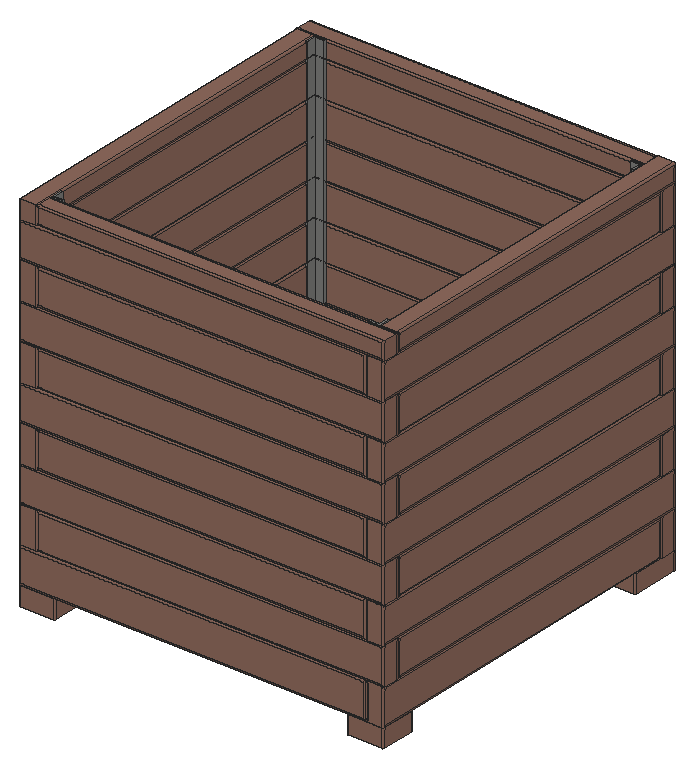
Revit family "Jardinera Madera", category Furniture, Revit 2020 (continued)
Definition of nested family "Jardinera Madera-UM1640-2-1000mm"
  Forms (m)
    Extrusion 40, solid
      sketch origin (-0.2, -0.65, 0) x (0, -1, 0) y (0, 0, 1)
        loop
          arc (-0.9, 0.055) -> (-0.898536, 0.051464) -> (-0.895, 0.05) r 0.005
          line (-0.895, 0.05) -> (-0.855, 0.05)
          arc (-0.855, 0.05) -> (-0.851464, 0.051464) -> (-0.85, 0.055) r 0.005
          line (-0.85, 0.055) -> (-0.85, 0.145)
          arc (-0.85, 0.145) -> (-0.851464, 0.148536) -> (-0.855, 0.15) r 0.005
          line (-0.855, 0.15) -> (-0.895, 0.15)
      from -0.7 to 0.25
    Extrusion 41, void
      sketch origin (0.4, -0.05, 0) x (1, 0, 0) y (0, 1, 0)
        loop
          arc (-0.85, 0.295) -> (-0.848536, 0.298536) -> (-0.845, 0.3) r 0.005
          line (-0.845, 0.3) -> (-0.85, 0.3) -> (-0.85, 0.295)
        loop
          line (-0.85, 0.255) -> (-0.85, 0.25) -> (-0.845, 0.25)
          arc (-0.845, 0.25) -> (-0.848536, 0.251464) -> (-0.85, 0.255) r 0.005
      from 0.05 to 0.15
    Extrusion 42, void
      sketch origin (-0.75, -0.6, 0) x (0, -1, 0) y (1, 0, 0)
        loop
          arc (-0.85, 0.295) -> (-0.848536, 0.298536) -> (-0.845, 0.3) r 0.005
          line (-0.845, 0.3) -> (-0.85, 0.3) -> (-0.85, 0.295)
        loop
          line (-0.85, 0.255) -> (-0.85, 0.25) -> (-0.845, 0.25)
          arc (-0.845, 0.25) -> (-0.848536, 0.251464) -> (-0.85, 0.255) r 0.005
      from 0.05 to 0.15
    Extrusion 43, solid
      sketch origin (-0.249929, -0.65, 0.10007) x (0, -1, 0) y (0, 0, 1)
        loop
          arc (-0.895, 0.15) -> (-0.898536, 0.148536) -> (-0.9, 0.145) r 0.005
          line (-0.9, 0.145) -> (-0.9, 0.055)
          arc (-0.9, 0.055) -> (-0.898536, 0.051464) -> (-0.895, 0.05) r 0.005
          line (-0.895, 0.05) -> (-0.855, 0.05)
          arc (-0.855, 0.05) -> (-0.851464, 0.051464) -> (-0.85, 0.055) r 0.005
          line (-0.85, 0.055) -> (-0.85, 0.145)
          arc (-0.85, 0.145) -> (-0.851464, 0.148536) -> (-0.855, 0.15) r 0.005
          line (-0.855, 0.15) -> (-0.895, 0.15)
      from -0.699929 to 0.25
    Extrusion 44, void
      sketch origin (0.350071, -0.05, 0.10007) x (1, 0, 0) y (0, 1, 0)
        loop
          arc (-0.85, 0.295) -> (-0.848536, 0.298536) -> (-0.845, 0.3) r 0.005
          line (-0.845, 0.3) -> (-0.85, 0.3) -> (-0.85, 0.295)
        loop
          line (-0.85, 0.255) -> (-0.85, 0.25) -> (-0.845, 0.25)
          arc (-0.845, 0.25) -> (-0.848536, 0.251464) -> (-0.85, 0.255) r 0.005
      from 0.05 to 0.15
    Extrusion 45, solid
      sketch origin (-0.2, -0.65, 0.2) x (0, -1, 0) y (0, 0, 1)
        loop
          arc (-0.895, 0.15) -> (-0.898536, 0.148536) -> (-0.9, 0.145) r 0.005
          line (-0.9, 0.145) -> (-0.9, 0.055)
          arc (-0.9, 0.055) -> (-0.898536, 0.051464) -> (-0.895, 0.05) r 0.005
          line (-0.895, 0.05) -> (-0.855, 0.05)
          arc (-0.855, 0.05) -> (-0.851464, 0.051464) -> (-0.85, 0.055) r 0.005
          line (-0.85, 0.055) -> (-0.85, 0.145)
          arc (-0.85, 0.145) -> (-0.851464, 0.148536) -> (-0.855, 0.15) r 0.005
          line (-0.855, 0.15) -> (-0.895, 0.15)
      from -0.7 to 0.25
    Extrusion 46, void
      sketch origin (0.4, -0.05, 0.2) x (1, 0, 0) y (0, 1, 0)
        loop
          arc (-0.85, 0.295) -> (-0.848536, 0.298536) -> (-0.845, 0.3) r 0.005
          line (-0.845, 0.3) -> (-0.85, 0.3) -> (-0.85, 0.295)
        loop
          line (-0.85, 0.255) -> (-0.85, 0.25) -> (-0.845, 0.25)
          arc (-0.845, 0.25) -> (-0.848536, 0.251464) -> (-0.85, 0.255) r 0.005
      from 0.05 to 0.15
    Extrusion 47, void
      sketch origin (-0.75, -0.6, 0.2) x (0, -1, 0) y (1, 0, 0)
        loop
          arc (-0.85, 0.295) -> (-0.848536, 0.298536) -> (-0.845, 0.3) r 0.005
          line (-0.845, 0.3) -> (-0.85, 0.3) -> (-0.85, 0.295)
        loop
          line (-0.85, 0.255) -> (-0.85, 0.25) -> (-0.845, 0.25)
          arc (-0.845, 0.25) -> (-0.848536, 0.251464) -> (-0.85, 0.255) r 0.005
      from 0.05 to 0.15
    Extrusion 48, solid
      sketch origin (-0.249929, -0.65, 0.30007) x (0, -1, 0) y (0, 0, 1)
        loop
          arc (-0.895, 0.15) -> (-0.898536, 0.148536) -> (-0.9, 0.145) r 0.005
          line (-0.9, 0.145) -> (-0.9, 0.055)
          arc (-0.9, 0.055) -> (-0.898536, 0.051464) -> (-0.895, 0.05) r 0.005
          line (-0.895, 0.05) -> (-0.855, 0.05)
          arc (-0.855, 0.05) -> (-0.851464, 0.051464) -> (-0.85, 0.055) r 0.005
          line (-0.85, 0.055) -> (-0.85, 0.145)
          arc (-0.85, 0.145) -> (-0.851464, 0.148536) -> (-0.855, 0.15) r 0.005
          line (-0.855, 0.15) -> (-0.895, 0.15)
      from -0.699929 to 0.25
    Extrusion 49, void
      sketch origin (0.350071, -0.05, 0.30007) x (1, 0, 0) y (0, 1, 0)
        loop
          arc (-0.85, 0.295) -> (-0.848536, 0.298536) -> (-0.845, 0.3) r 0.005
          line (-0.845, 0.3) -> (-0.85, 0.3) -> (-0.85, 0.295)
        loop
          line (-0.85, 0.255) -> (-0.85, 0.25) -> (-0.845, 0.25)
          arc (-0.845, 0.25) -> (-0.848536, 0.251464) -> (-0.85, 0.255) r 0.005
      from 0.05 to 0.15
    Extrusion 50, void
      sketch origin (-0.4, -0.05, 0.30007) x (-1, 0, 0) y (0, -1, 0)
        loop
          line (-0.85, -0.295) -> (-0.85, -0.3) -> (-0.845, -0.3)
          arc (-0.845, -0.3) -> (-0.848536, -0.298536) -> (-0.85, -0.295) r 0.005
        loop
          arc (-0.85, -0.255) -> (-0.848536, -0.251464) -> (-0.845, -0.25) r 0.005
          line (-0.845, -0.25) -> (-0.85, -0.25) -> (-0.85, -0.255)
      from 0.05 to 0.15
    Extrusion 51, void
      sketch origin (-0.35, -0.05, 0.2) x (-1, 0, 0) y (0, -1, 0)
        loop
          line (-0.85, -0.295) -> (-0.85, -0.3) -> (-0.845, -0.3)
          arc (-0.845, -0.3) -> (-0.848536, -0.298536) -> (-0.85, -0.295) r 0.005
        loop
          arc (-0.85, -0.255) -> (-0.848536, -0.251464) -> (-0.845, -0.25) r 0.005
          line (-0.845, -0.25) -> (-0.85, -0.25) -> (-0.85, -0.255)
      from 0.05 to 0.15
    Extrusion 52, void
      sketch origin (-0.4, -0.05, 0.10007) x (-1, 0, 0) y (0, -1, 0)
        loop
          line (-0.85, -0.295) -> (-0.85, -0.3) -> (-0.845, -0.3)
          arc (-0.845, -0.3) -> (-0.848536, -0.298536) -> (-0.85, -0.295) r 0.005
        loop
          arc (-0.85, -0.255) -> (-0.848536, -0.251464) -> (-0.845, -0.25) r 0.005
          line (-0.845, -0.25) -> (-0.85, -0.25) -> (-0.85, -0.255)
      from 0.05 to 0.15
    Extrusion 53, void
      sketch origin (-0.35, -0.05, 0) x (-1, 0, 0) y (0, -1, 0)
        loop
          line (-0.85, -0.295) -> (-0.85, -0.3) -> (-0.845, -0.3)
          arc (-0.845, -0.3) -> (-0.848536, -0.298536) -> (-0.85, -0.295) r 0.005
        loop
          arc (-0.85, -0.255) -> (-0.848536, -0.251464) -> (-0.845, -0.25) r 0.005
          line (-0.845, -0.25) -> (-0.85, -0.25) -> (-0.85, -0.255)
      from 0.05 to 0.15
    Extrusion 54, void
      sketch origin (0.75, -0.6, 0.3) x (0, -1, 0) y (1, 0, 0)
        loop
          line (-0.85, -0.295) -> (-0.85, -0.3) -> (-0.845, -0.3)
          arc (-0.845, -0.3) -> (-0.848536, -0.298536) -> (-0.85, -0.295) r 0.005
        loop
          arc (-0.85, -0.255) -> (-0.848536, -0.251464) -> (-0.845, -0.25) r 0.005
          line (-0.845, -0.25) -> (-0.85, -0.25) -> (-0.85, -0.255)
      from 0.05 to 0.15
    Extrusion 55, void
      sketch origin (0.75, -0.65, 0.2) x (0, -1, 0) y (1, 0, 0)
        loop
          line (-0.85, -0.295) -> (-0.85, -0.3) -> (-0.845, -0.3)
          arc (-0.845, -0.3) -> (-0.848536, -0.298536) -> (-0.85, -0.295) r 0.005
        loop
          arc (-0.85, -0.255) -> (-0.848536, -0.251464) -> (-0.845, -0.25) r 0.005
          line (-0.845, -0.25) -> (-0.85, -0.25) -> (-0.85, -0.255)
      from 0.05 to 0.15
    Extrusion 56, void
      sketch origin (0.75, -0.6, 0.1) x (0, -1, 0) y (1, 0, 0)
        loop
          line (-0.85, -0.295) -> (-0.85, -0.3) -> (-0.845, -0.3)
          arc (-0.845, -0.3) -> (-0.848536, -0.298536) -> (-0.85, -0.295) r 0.005
        loop
          arc (-0.85, -0.255) -> (-0.848536, -0.251464) -> (-0.845, -0.25) r 0.005
          line (-0.845, -0.25) -> (-0.85, -0.25) -> (-0.85, -0.255)
      from 0.05 to 0.15
    Extrusion 57, void
      sketch origin (0.75, -0.65, 0) x (0, -1, 0) y (1, 0, 0)
        loop
          line (-0.85, -0.295) -> (-0.85, -0.3) -> (-0.845, -0.3)
          arc (-0.845, -0.3) -> (-0.848536, -0.298536) -> (-0.85, -0.295) r 0.005
        loop
          arc (-0.85, -0.255) -> (-0.848536, -0.251464) -> (-0.845, -0.25) r 0.005
          line (-0.845, -0.25) -> (-0.85, -0.25) -> (-0.85, -0.255)
      from 0.05 to 0.15
    Extrusion 58, void
      sketch origin (-0.75, -0.65, 0.10007) x (0, -1, 0) y (1, 0, 0)
        loop
          arc (-0.85, 0.295) -> (-0.848536, 0.298536) -> (-0.845, 0.3) r 0.005
          line (-0.845, 0.3) -> (-0.85, 0.3) -> (-0.85, 0.295)
        loop
          line (-0.85, 0.255) -> (-0.85, 0.25) -> (-0.845, 0.25)
          arc (-0.845, 0.25) -> (-0.848536, 0.251464) -> (-0.85, 0.255) r 0.005
      from 0.05 to 0.15
  Cuts and joins
    Extrusion 2, Extrusion 4, Extrusion 23 cuts Extrusion 3
    Extrusion 6, Extrusion 34 cuts Extrusion 5
    Extrusion 6 cuts Extrusion 17
    Extrusion 14, Extrusion 35 cuts Extrusion 13
    Extrusion 26, Extrusion 52, Extrusion 56 cuts Extrusion 25
    Extrusion 31, Extrusion 50, Extrusion 54 cuts Extrusion 30
    Extrusion 23 cuts Extrusion 19
    Extrusion 23 cuts Extrusion 32
    Extrusion 23 cuts Extrusion 33
    Extrusion 2, Extrusion 41, Extrusion 42 cuts Extrusion 1
    Extrusion 41, Extrusion 53 cuts Extrusion 40
    Extrusion 46, Extrusion 51 cuts Extrusion 45
    Extrusion 29, Extrusion 55 cuts Extrusion 27
    Extrusion 49, Extrusion 50 cuts Extrusion 48
    Extrusion 44, Extrusion 52 cuts Extrusion 43
    Extrusion 57 cuts Extrusion 18
    Extrusion 24, Extrusion 57 cuts Extrusion 22
    Extrusion 12, Extrusion 28 cuts Extrusion 11
    Extrusion 16 cuts Extrusion 15
    Extrusion 10, Extrusion 47 cuts Extrusion 9
    Extrusion 8, Extrusion 58 cuts Extrusion 7
  Dimensions and locks (m)
    plane 6 to level = 0.450 m
    plane 8 to plane 7 = 0.500 m
    plane 11 to plane 10 = 0.999858 m
    aligned and locked: level to plane 2
Definition of nested family "Jardinera Madera-UM1640-4-1000mm"
  Parameters
    Default Elevation = 0.000 m
  Reference planes (m)
    plane 1 "Center (Front/Back)": y = 0
    plane 2: z = 0
    plane 3 "Center (Left/Right)": x = 0
    plane 4: z = 0.05
    plane 5: z = 0.15
    plane 6: y = 0.5
    plane 7: y = -0.5
    plane 8: x = -0.5
    plane 9: x = 0.5
    plane 10: z = 0.455
    plane 11: z = 0.655
  Forms (m)
    Extrusion 1, solid
      sketch origin (0.4, 0.299929, 0.005) x (1, 0, 0) y (0, 1, 0)
        loop
          line (-0.849929, 0.149955) -> (-0.849929, 0.021439) -> (0.05, 0.021439) -> (0.05, 0.149955) -> (-0.849929, 0.149955)
      from 0.05 to 0.1
    Extrusion 2, solid
      sketch origin (0.4, 0.199929, 0.005) x (1, 0, 0) y (0, 1, 0)
        loop
          line (-0.849929, 0.25) -> (-0.849929, 0.22) -> (-0.844929, 0.22) -> (-0.844929, 0.245) -> (-0.819929, 0.245) -> (-0.819929, 0.25) -> (-0.849929, 0.25)
      from 0.05 to 0.65007
    Extrusion 3, solid
      sketch origin (-0.4, 0.199929, 0.005) x (-1, 0, 0) y (0, -1, 0)
        loop
          line (-0.849929, -0.25) -> (-0.819929, -0.25) -> (-0.819929, -0.245) -> (-0.844929, -0.245) -> (-0.844929, -0.22) -> (-0.849929, -0.22) -> (-0.849929, -0.25)
      from 0.05 to 0.65007
    Extrusion 4, solid
      sketch origin (0.4, 0.199929, 0.005) x (1, 0, 0) y (0, 1, 0)
        loop
          line (-0.804929, 0.3) -> (-0.894929, 0.3)
          arc (-0.894929, 0.3) -> (-0.898464, 0.298536) -> (-0.899929, 0.295) r 0.005
          line (-0.899929, 0.295) -> (-0.899929, 0.166439)
          arc (-0.899929, 0.166439) -> (-0.898464, 0.162903) -> (-0.894929, 0.161439) r 0.005
          line (-0.894929, 0.161439) -> (-0.804929, 0.161439)
          arc (-0.804929, 0.161439) -> (-0.801393, 0.162903) -> (-0.799929, 0.166439) r 0.005
          line (-0.799929, 0.166439) -> (-0.799929, 0.295)
          arc (-0.799929, 0.295) -> (-0.801393, 0.298536) -> (-0.804929, 0.3) r 0.005
      from -0.005 to 0.05
    Extrusion 5, solid
      sketch origin (-0.4, 0.199929, 0.005) x (-1, 0, 0) y (0, -1, 0)
        loop
          arc (-0.804929, -0.3) -> (-0.801393, -0.298536) -> (-0.799929, -0.295) r 0.005
          line (-0.799929, -0.295) -> (-0.799929, -0.166439)
          arc (-0.799929, -0.166439) -> (-0.801393, -0.162903) -> (-0.804929, -0.161439) r 0.005
          line (-0.804929, -0.161439) -> (-0.894929, -0.161439)
          arc (-0.894929, -0.161439) -> (-0.898464, -0.162903) -> (-0.899929, -0.166439) r 0.005
          line (-0.899929, -0.166439) -> (-0.899929, -0.295)
          arc (-0.899929, -0.295) -> (-0.898464, -0.298536) -> (-0.894929, -0.3) r 0.005
          line (-0.894929, -0.3) -> (-0.804929, -0.3)
      from -0.005 to 0.05
    Extrusion 6, solid
      sketch origin (-0.2, -0.400071, 0.005) x (0, -1, 0) y (0, 0, 1)
        loop
          arc (-0.895, 0.15) -> (-0.898536, 0.148536) -> (-0.9, 0.145) r 0.005
          line (-0.9, 0.145) -> (-0.9, 0.055)
          arc (-0.9, 0.055) -> (-0.898536, 0.051464) -> (-0.895, 0.05) r 0.005
          line (-0.895, 0.05) -> (-0.855, 0.05)
          arc (-0.855, 0.05) -> (-0.851464, 0.051464) -> (-0.85, 0.055) r 0.005
          line (-0.85, 0.055) -> (-0.85, 0.145)
          arc (-0.85, 0.145) -> (-0.851464, 0.148536) -> (-0.855, 0.15) r 0.005
          line (-0.855, 0.15) -> (-0.895, 0.15)
      from -0.7 to 0.25
    Extrusion 7, solid
      sketch origin (-0.249929, -0.400071, 0.10507) x (0, -1, 0) y (0, 0, 1)
        loop
          arc (-0.895, 0.15) -> (-0.898536, 0.148536) -> (-0.9, 0.145) r 0.005
          line (-0.9, 0.145) -> (-0.9, 0.055)
          arc (-0.9, 0.055) -> (-0.898536, 0.051464) -> (-0.895, 0.05) r 0.005
          line (-0.895, 0.05) -> (-0.855, 0.05)
          arc (-0.855, 0.05) -> (-0.851464, 0.051464) -> (-0.85, 0.055) r 0.005
          line (-0.85, 0.055) -> (-0.85, 0.145)
          arc (-0.85, 0.145) -> (-0.851464, 0.148536) -> (-0.855, 0.15) r 0.005
          line (-0.855, 0.15) -> (-0.895, 0.15)
      from -0.699929 to 0.25
    Extrusion 8, solid
      sketch origin (-0.2, -0.400071, 0.205) x (0, -1, 0) y (0, 0, 1)
        loop
          arc (-0.895, 0.15) -> (-0.898536, 0.148536) -> (-0.9, 0.145) r 0.005
          line (-0.9, 0.145) -> (-0.9, 0.055)
          arc (-0.9, 0.055) -> (-0.898536, 0.051464) -> (-0.895, 0.05) r 0.005
          line (-0.895, 0.05) -> (-0.855, 0.05)
          arc (-0.855, 0.05) -> (-0.851464, 0.051464) -> (-0.85, 0.055) r 0.005
          line (-0.85, 0.055) -> (-0.85, 0.145)
          arc (-0.85, 0.145) -> (-0.851464, 0.148536) -> (-0.855, 0.15) r 0.005
          line (-0.855, 0.15) -> (-0.895, 0.15)
      from -0.7 to 0.25
    Extrusion 9, solid
      sketch origin (-0.249929, -0.400071, 0.30507) x (0, -1, 0) y (0, 0, 1)
        loop
          arc (-0.895, 0.15) -> (-0.898536, 0.148536) -> (-0.9, 0.145) r 0.005
          line (-0.9, 0.145) -> (-0.9, 0.055)
          arc (-0.9, 0.055) -> (-0.898536, 0.051464) -> (-0.895, 0.05) r 0.005
          line (-0.895, 0.05) -> (-0.855, 0.05)
          arc (-0.855, 0.05) -> (-0.851464, 0.051464) -> (-0.85, 0.055) r 0.005
          line (-0.85, 0.055) -> (-0.85, 0.145)
          arc (-0.85, 0.145) -> (-0.851464, 0.148536) -> (-0.855, 0.15) r 0.005
          line (-0.855, 0.15) -> (-0.895, 0.15)
      from -0.699929 to 0.25
    Extrusion 10, void
      sketch origin (0.350071, 0.199929, 0.30507) x (1, 0, 0) y (0, 1, 0)
        loop
          arc (-0.85, 0.295) -> (-0.848536, 0.298536) -> (-0.845, 0.3) r 0.005
          line (-0.845, 0.3) -> (-0.85, 0.3) -> (-0.85, 0.295)
        loop
          line (-0.85, 0.255) -> (-0.85, 0.25) -> (-0.845, 0.25)
          arc (-0.845, 0.25) -> (-0.848536, 0.251464) -> (-0.85, 0.255) r 0.005
      from 0.05 to 0.15
    Extrusion 11, void
      sketch origin (-0.35, 0.199929, 0.205) x (-1, 0, 0) y (0, -1, 0)
        loop
          line (-0.85, -0.295) -> (-0.85, -0.3) -> (-0.845, -0.3)
          arc (-0.845, -0.3) -> (-0.848536, -0.298536) -> (-0.85, -0.295) r 0.005
        loop
          arc (-0.85, -0.255) -> (-0.848536, -0.251464) -> (-0.845, -0.25) r 0.005
          line (-0.845, -0.25) -> (-0.85, -0.25) -> (-0.85, -0.255)
      from 0.05 to 0.15
    Extrusion 12, solid
      sketch origin (0.4, -0.2, 0.005) x (1, 0, 0) y (0, 0, 1)
        loop
          arc (-0.895, 0.15) -> (-0.898536, 0.148536) -> (-0.9, 0.145) r 0.005
          line (-0.9, 0.145) -> (-0.9, 0.055)
          arc (-0.9, 0.055) -> (-0.898536, 0.051464) -> (-0.895, 0.05) r 0.005
          line (-0.895, 0.05) -> (-0.855, 0.05)
          arc (-0.855, 0.05) -> (-0.851464, 0.051464) -> (-0.85, 0.055) r 0.005
          line (-0.85, 0.055) -> (-0.85, 0.145)
          arc (-0.85, 0.145) -> (-0.851464, 0.148536) -> (-0.855, 0.15) r 0.005
          line (-0.855, 0.15) -> (-0.895, 0.15)
      from -0.699929 to 0.25
    Extrusion 13, void
      sketch origin (-0.75, 0.4, 0.005) x (0, 1, 0) y (-1, 0, 0)
        loop
          line (-0.85, -0.295) -> (-0.85, -0.3) -> (-0.845, -0.3)
          arc (-0.845, -0.3) -> (-0.848536, -0.298536) -> (-0.85, -0.295) r 0.005
        loop
          arc (-0.85, -0.255) -> (-0.848536, -0.251464) -> (-0.845, -0.25) r 0.005
          line (-0.845, -0.25) -> (-0.85, -0.25) -> (-0.85, -0.255)
      from 0.05 to 0.15
    Extrusion 14, solid
      sketch origin (1, 0.4, 0.005) x (0, 1, 0) y (0, 0, 1)
        loop
          arc (-0.895, 0.15) -> (-0.898536, 0.148536) -> (-0.9, 0.145) r 0.005
          line (-0.9, 0.145) -> (-0.9, 0.055)
          arc (-0.9, 0.055) -> (-0.898536, 0.051464) -> (-0.895, 0.05) r 0.005
          line (-0.895, 0.05) -> (-0.855, 0.05)
          arc (-0.855, 0.05) -> (-0.851464, 0.051464) -> (-0.85, 0.055) r 0.005
          line (-0.85, 0.055) -> (-0.85, 0.145)
          arc (-0.85, 0.145) -> (-0.851464, 0.148536) -> (-0.855, 0.15) r 0.005
          line (-0.855, 0.15) -> (-0.895, 0.15)
      from -1.5 to -0.545
    Extrusion 15, void
      sketch origin (0.35, -0.2, 0.005) x (1, 0, 0) y (0, 1, 0)
        loop
          line (-0.85, -0.295) -> (-0.85, -0.3) -> (-0.845, -0.3)
          arc (-0.845, -0.3) -> (-0.848536, -0.298536) -> (-0.85, -0.295) r 0.005
        loop
          arc (-0.85, -0.255) -> (-0.848536, -0.251464) -> (-0.845, -0.25) r 0.005
          line (-0.845, -0.25) -> (-0.85, -0.25) -> (-0.85, -0.255)
      from 0.05 to 0.15
    Extrusion 16, solid
      sketch origin (1.049929, 0.4, 0.10507) x (0, 1, 0) y (0, 0, 1)
        loop
          arc (-0.895, 0.15) -> (-0.898536, 0.148536) -> (-0.9, 0.145) r 0.005
          line (-0.9, 0.145) -> (-0.9, 0.055)
          arc (-0.9, 0.055) -> (-0.898536, 0.051464) -> (-0.895, 0.05) r 0.005
          line (-0.895, 0.05) -> (-0.855, 0.05)
          arc (-0.855, 0.05) -> (-0.851464, 0.051464) -> (-0.85, 0.055) r 0.005
          line (-0.85, 0.055) -> (-0.85, 0.145)
          arc (-0.85, 0.145) -> (-0.851464, 0.148536) -> (-0.855, 0.15) r 0.005
          line (-0.855, 0.15) -> (-0.895, 0.15)
      from -1.5 to -0.55
    Extrusion 17, void
      sketch origin (0.399929, -0.2, 0.10507) x (1, 0, 0) y (0, 1, 0)
        loop
          line (-0.85, -0.295) -> (-0.85, -0.3) -> (-0.845, -0.3)
          arc (-0.845, -0.3) -> (-0.848536, -0.298536) -> (-0.85, -0.295) r 0.005
        loop
          arc (-0.85, -0.255) -> (-0.848536, -0.251464) -> (-0.845, -0.25) r 0.005
          line (-0.845, -0.25) -> (-0.85, -0.25) -> (-0.85, -0.255)
      from 0.05 to 0.15
    Extrusion 18, solid
      sketch origin (0.4, -0.249929, 0.10507) x (1, 0, 0) y (0, 0, 1)
        loop
          arc (-0.895, 0.15) -> (-0.898536, 0.148536) -> (-0.9, 0.145) r 0.005
          line (-0.9, 0.145) -> (-0.9, 0.055)
          arc (-0.9, 0.055) -> (-0.898536, 0.051464) -> (-0.895, 0.05) r 0.005
          line (-0.895, 0.05) -> (-0.855, 0.05)
          arc (-0.855, 0.05) -> (-0.851464, 0.051464) -> (-0.85, 0.055) r 0.005
          line (-0.85, 0.055) -> (-0.85, 0.145)
          arc (-0.85, 0.145) -> (-0.851464, 0.148536) -> (-0.855, 0.15) r 0.005
          line (-0.855, 0.15) -> (-0.895, 0.15)
      from -0.699858 to 0.25
    Extrusion 19, void
      sketch origin (-0.75, 0.350071, 0.10507) x (0, 1, 0) y (-1, 0, 0)
        loop
          line (-0.85, -0.295) -> (-0.85, -0.3) -> (-0.845, -0.3)
          arc (-0.845, -0.3) -> (-0.848536, -0.298536) -> (-0.85, -0.295) r 0.005
        loop
          arc (-0.85, -0.255) -> (-0.848536, -0.251464) -> (-0.845, -0.25) r 0.005
          line (-0.845, -0.25) -> (-0.85, -0.25) -> (-0.85, -0.255)
      from 0.05 to 0.15
    Extrusion 20, solid
      sketch origin (0.4, -0.2, 0.205) x (1, 0, 0) y (0, 0, 1)
        loop
          arc (-0.895, 0.15) -> (-0.898536, 0.148536) -> (-0.9, 0.145) r 0.005
          line (-0.9, 0.145) -> (-0.9, 0.055)
          arc (-0.9, 0.055) -> (-0.898536, 0.051464) -> (-0.895, 0.05) r 0.005
          line (-0.895, 0.05) -> (-0.855, 0.05)
          arc (-0.855, 0.05) -> (-0.851464, 0.051464) -> (-0.85, 0.055) r 0.005
          line (-0.85, 0.055) -> (-0.85, 0.145)
          arc (-0.85, 0.145) -> (-0.851464, 0.148536) -> (-0.855, 0.15) r 0.005
          line (-0.855, 0.15) -> (-0.895, 0.15)
      from -0.699929 to 0.25
    Extrusion 21, void
      sketch origin (-0.75, 0.4, 0.205) x (0, 1, 0) y (-1, 0, 0)
        loop
          line (-0.85, -0.295) -> (-0.85, -0.3) -> (-0.845, -0.3)
          arc (-0.845, -0.3) -> (-0.848536, -0.298536) -> (-0.85, -0.295) r 0.005
        loop
          arc (-0.85, -0.255) -> (-0.848536, -0.251464) -> (-0.845, -0.25) r 0.005
          line (-0.845, -0.25) -> (-0.85, -0.25) -> (-0.85, -0.255)
      from 0.05 to 0.15
    Extrusion 22, solid
      sketch origin (1, 0.4, 0.205) x (0, 1, 0) y (0, 0, 1)
        loop
          arc (-0.895, 0.15) -> (-0.898536, 0.148536) -> (-0.9, 0.145) r 0.005
          line (-0.9, 0.145) -> (-0.9, 0.055)
          arc (-0.9, 0.055) -> (-0.898536, 0.051464) -> (-0.895, 0.05) r 0.005
          line (-0.895, 0.05) -> (-0.855, 0.05)
          arc (-0.855, 0.05) -> (-0.851464, 0.051464) -> (-0.85, 0.055) r 0.005
          line (-0.85, 0.055) -> (-0.85, 0.145)
          arc (-0.85, 0.145) -> (-0.851464, 0.148536) -> (-0.855, 0.15) r 0.005
          line (-0.855, 0.15) -> (-0.895, 0.15)
      from -1.5 to -0.55
    Extrusion 23, void
      sketch origin (0.35, -0.2, 0.205) x (1, 0, 0) y (0, 1, 0)
        loop
          line (-0.85, -0.295) -> (-0.85, -0.3) -> (-0.845, -0.3)
          arc (-0.845, -0.3) -> (-0.848536, -0.298536) -> (-0.85, -0.295) r 0.005
        loop
          arc (-0.85, -0.255) -> (-0.848536, -0.251464) -> (-0.845, -0.25) r 0.005
          line (-0.845, -0.25) -> (-0.85, -0.25) -> (-0.85, -0.255)
      from 0.05 to 0.15
    Extrusion 24, solid
      sketch origin (1.049929, 0.4, 0.30507) x (0, 1, 0) y (0, 0, 1)
        loop
          arc (-0.895, 0.15) -> (-0.898536, 0.148536) -> (-0.9, 0.145) r 0.005
          line (-0.9, 0.145) -> (-0.9, 0.055)
          arc (-0.9, 0.055) -> (-0.898536, 0.051464) -> (-0.895, 0.05) r 0.005
          line (-0.895, 0.05) -> (-0.855, 0.05)
          arc (-0.855, 0.05) -> (-0.851464, 0.051464) -> (-0.85, 0.055) r 0.005
          line (-0.85, 0.055) -> (-0.85, 0.145)
          arc (-0.85, 0.145) -> (-0.851464, 0.148536) -> (-0.855, 0.15) r 0.005
          line (-0.855, 0.15) -> (-0.895, 0.15)
      from -1.5 to -0.55
    Extrusion 25, void
      sketch origin (0.399929, -0.2, 0.30507) x (1, 0, 0) y (0, 1, 0)
        loop
          line (-0.85, -0.295) -> (-0.85, -0.3) -> (-0.845, -0.3)
          arc (-0.845, -0.3) -> (-0.848536, -0.298536) -> (-0.85, -0.295) r 0.005
        loop
          arc (-0.85, -0.255) -> (-0.848536, -0.251464) -> (-0.845, -0.25) r 0.005
          line (-0.845, -0.25) -> (-0.85, -0.25) -> (-0.85, -0.255)
      from 0.05 to 0.15
    Extrusion 26, solid
      sketch origin (0.4, -0.249929, 0.30507) x (1, 0, 0) y (0, 0, 1)
        loop
          arc (-0.895, 0.15) -> (-0.898536, 0.148536) -> (-0.9, 0.145) r 0.005
          line (-0.9, 0.145) -> (-0.9, 0.055)
          arc (-0.9, 0.055) -> (-0.898536, 0.051464) -> (-0.895, 0.05) r 0.005
          line (-0.895, 0.05) -> (-0.855, 0.05)
          arc (-0.855, 0.05) -> (-0.851464, 0.051464) -> (-0.85, 0.055) r 0.005
          line (-0.85, 0.055) -> (-0.85, 0.145)
          arc (-0.85, 0.145) -> (-0.851464, 0.148536) -> (-0.855, 0.15) r 0.005
          line (-0.855, 0.15) -> (-0.895, 0.15)
      from -0.699858 to 0.25
    Extrusion 27, void
      sketch origin (-0.75, 0.350071, 0.30507) x (0, 1, 0) y (-1, 0, 0)
        loop
          line (-0.85, -0.295) -> (-0.85, -0.3) -> (-0.845, -0.3)
          arc (-0.845, -0.3) -> (-0.848536, -0.298536) -> (-0.85, -0.295) r 0.005
        loop
          arc (-0.85, -0.255) -> (-0.848536, -0.251464) -> (-0.845, -0.25) r 0.005
          line (-0.845, -0.25) -> (-0.85, -0.25) -> (-0.85, -0.255)
      from 0.05 to 0.15
    Extrusion 28, solid
      sketch origin (0.4, -0.2, 0.005) x (1, 0, 0) y (0, 1, 0)
        loop
          line (-0.849929, -0.25) -> (-0.819929, -0.25) -> (-0.819929, -0.245) -> (-0.844929, -0.245) -> (-0.844929, -0.22) -> (-0.849929, -0.22) -> (-0.849929, -0.25)
      from 0.05 to 0.65007
    Extrusion 29, solid
      sketch origin (0.4, -0.2, 0.005) x (1, 0, 0) y (0, 1, 0)
        loop
          line (-0.849929, -0.25) -> (0.05, -0.25) -> (0.05, -0.121393) -> (-0.849929, -0.121393) -> (-0.849929, -0.25)
      from 0.05 to 0.1
    Extrusion 30, solid
      sketch origin (0.4, -0.2, 0.005) x (1, 0, 0) y (0, 1, 0)
        loop
          arc (-0.804929, -0.3) -> (-0.801393, -0.298536) -> (-0.799929, -0.295) r 0.005
          line (-0.799929, -0.295) -> (-0.799929, -0.205)
          arc (-0.799929, -0.205) -> (-0.801393, -0.201464) -> (-0.804929, -0.2) r 0.005
          line (-0.804929, -0.2) -> (-0.894929, -0.2)
          arc (-0.894929, -0.2) -> (-0.898464, -0.201464) -> (-0.899929, -0.205) r 0.005
          line (-0.899929, -0.205) -> (-0.899929, -0.295)
          arc (-0.899929, -0.295) -> (-0.898464, -0.298536) -> (-0.894929, -0.3) r 0.005
          line (-0.894929, -0.3) -> (-0.804929, -0.3)
      from -0.005 to 0.05
    Extrusion 31, solid
      sketch origin (-0.4, -0.2, 0.005) x (-1, 0, 0) y (0, 0, 1)
        loop
          arc (-0.895, 0.15) -> (-0.898536, 0.148536) -> (-0.9, 0.145) r 0.005
          line (-0.9, 0.145) -> (-0.9, 0.055)
          arc (-0.9, 0.055) -> (-0.898536, 0.051464) -> (-0.895, 0.05) r 0.005
          line (-0.895, 0.05) -> (-0.855, 0.05)
          arc (-0.855, 0.05) -> (-0.851464, 0.051464) -> (-0.85, 0.055) r 0.005
          line (-0.85, 0.055) -> (-0.85, 0.145)
          arc (-0.85, 0.145) -> (-0.851464, 0.148536) -> (-0.855, 0.15) r 0.005
          line (-0.855, 0.15) -> (-0.895, 0.15)
      from -0.3 to 0.649929
    Extrusion 32, void
      sketch origin (-0.4, -0.2, 0.005) x (-1, 0, 0) y (0, -1, 0)
        loop
          arc (-0.85, 0.295) -> (-0.848536, 0.298536) -> (-0.845, 0.3) r 0.005
          line (-0.845, 0.3) -> (-0.85, 0.3) -> (-0.85, 0.295)
        loop
          line (-0.85, 0.255) -> (-0.85, 0.25) -> (-0.845, 0.25)
          arc (-0.845, 0.25) -> (-0.848536, 0.251464) -> (-0.85, 0.255) r 0.005
      from 0.05 to 0.15
    Extrusion 33, void
      sketch origin (0.75, 0.35, 0.005) x (0, 1, 0) y (-1, 0, 0)
        loop
          arc (-0.85, 0.295) -> (-0.848536, 0.298536) -> (-0.845, 0.3) r 0.005
          line (-0.845, 0.3) -> (-0.85, 0.3) -> (-0.85, 0.295)
        loop
          line (-0.85, 0.255) -> (-0.85, 0.25) -> (-0.845, 0.25)
          arc (-0.845, 0.25) -> (-0.848536, 0.251464) -> (-0.85, 0.255) r 0.005
      from 0.05 to 0.15
    Extrusion 34, solid
      sketch origin (-0.4, -0.15, 0.105) x (-1, 0, 0) y (0, 0, 1)
        loop
          arc (-0.895, 0.15) -> (-0.898536, 0.148536) -> (-0.9, 0.145) r 0.005
          line (-0.9, 0.145) -> (-0.9, 0.055)
          arc (-0.9, 0.055) -> (-0.898536, 0.051464) -> (-0.895, 0.05) r 0.005
          line (-0.895, 0.05) -> (-0.855, 0.05)
          arc (-0.855, 0.05) -> (-0.851464, 0.051464) -> (-0.85, 0.055) r 0.005
          line (-0.85, 0.055) -> (-0.85, 0.145)
          arc (-0.85, 0.145) -> (-0.851464, 0.148536) -> (-0.855, 0.15) r 0.005
          line (-0.855, 0.15) -> (-0.895, 0.15)
      from -0.3 to 0.649929
    Extrusion 35, void
      sketch origin (0.75, 0.4, 0.105) x (0, 1, 0) y (-1, 0, 0)
        loop
          arc (-0.85, 0.295) -> (-0.848536, 0.298536) -> (-0.845, 0.3) r 0.005
          line (-0.845, 0.3) -> (-0.85, 0.3) -> (-0.85, 0.295)
        loop
          line (-0.85, 0.255) -> (-0.85, 0.25) -> (-0.845, 0.25)
          arc (-0.845, 0.25) -> (-0.848536, 0.251464) -> (-0.85, 0.255) r 0.005
      from 0.05 to 0.15
    Extrusion 36, solid
      sketch origin (-0.4, -0.2, 0.205) x (-1, 0, 0) y (0, 0, 1)
        loop
          arc (-0.895, 0.15) -> (-0.898536, 0.148536) -> (-0.9, 0.145) r 0.005
          line (-0.9, 0.145) -> (-0.9, 0.055)
          arc (-0.9, 0.055) -> (-0.898536, 0.051464) -> (-0.895, 0.05) r 0.005
          line (-0.895, 0.05) -> (-0.855, 0.05)
          arc (-0.855, 0.05) -> (-0.851464, 0.051464) -> (-0.85, 0.055) r 0.005
          line (-0.85, 0.055) -> (-0.85, 0.145)
          arc (-0.85, 0.145) -> (-0.851464, 0.148536) -> (-0.855, 0.15) r 0.005
          line (-0.855, 0.15) -> (-0.895, 0.15)
      from -0.3 to 0.649929
    Extrusion 37, void
      sketch origin (-0.4, -0.2, 0.205) x (-1, 0, 0) y (0, -1, 0)
        loop
          arc (-0.85, 0.295) -> (-0.848536, 0.298536) -> (-0.845, 0.3) r 0.005
          line (-0.845, 0.3) -> (-0.85, 0.3) -> (-0.85, 0.295)
        loop
          line (-0.85, 0.255) -> (-0.85, 0.25) -> (-0.845, 0.25)
          arc (-0.845, 0.25) -> (-0.848536, 0.251464) -> (-0.85, 0.255) r 0.005
      from 0.05 to 0.15
    Extrusion 38, void
      sketch origin (0.75, 0.35, 0.205) x (0, 1, 0) y (-1, 0, 0)
        loop
          arc (-0.85, 0.295) -> (-0.848536, 0.298536) -> (-0.845, 0.3) r 0.005
          line (-0.845, 0.3) -> (-0.85, 0.3) -> (-0.85, 0.295)
        loop
          line (-0.85, 0.255) -> (-0.85, 0.25) -> (-0.845, 0.25)
          arc (-0.845, 0.25) -> (-0.848536, 0.251464) -> (-0.85, 0.255) r 0.005
      from 0.05 to 0.15
    Extrusion 39, solid
      sketch origin (-0.4, -0.15, 0.305) x (-1, 0, 0) y (0, 0, 1)
        loop
          arc (-0.895, 0.15) -> (-0.898536, 0.148536) -> (-0.9, 0.145) r 0.005
          line (-0.9, 0.145) -> (-0.9, 0.055)
          arc (-0.9, 0.055) -> (-0.898536, 0.051464) -> (-0.895, 0.05) r 0.005
          line (-0.895, 0.05) -> (-0.855, 0.05)
          arc (-0.855, 0.05) -> (-0.851464, 0.051464) -> (-0.85, 0.055) r 0.005
          line (-0.85, 0.055) -> (-0.85, 0.145)
          arc (-0.85, 0.145) -> (-0.851464, 0.148536) -> (-0.855, 0.15) r 0.005
          line (-0.855, 0.15) -> (-0.895, 0.15)
      from -0.3 to 0.649929
    Extrusion 40, void
      sketch origin (0.75, 0.4, 0.305) x (0, 1, 0) y (-1, 0, 0)
        loop
          arc (-0.85, 0.295) -> (-0.848536, 0.298536) -> (-0.845, 0.3) r 0.005
          line (-0.845, 0.3) -> (-0.85, 0.3) -> (-0.85, 0.295)
        loop
          line (-0.85, 0.255) -> (-0.85, 0.25) -> (-0.845, 0.25)
          arc (-0.845, 0.25) -> (-0.848536, 0.251464) -> (-0.85, 0.255) r 0.005
      from 0.05 to 0.15
    Extrusion 41, solid
      sketch origin (-0.4, -0.2, 0.005) x (-1, 0, 0) y (0, -1, 0)
        loop
          line (-0.849929, 0.25) -> (-0.849929, 0.22) -> (-0.844929, 0.22) -> (-0.844929, 0.245) -> (-0.819929, 0.245) -> (-0.819929, 0.25) -> (-0.849929, 0.25)
      from 0.05 to 0.65007
    Extrusion 42, solid
      sketch origin (-0.4, -0.2, 0.005) x (-1, 0, 0) y (0, -1, 0)
        loop
          line (-0.804929, 0.3) -> (-0.894929, 0.3)
          arc (-0.894929, 0.3) -> (-0.898464, 0.298536) -> (-0.899929, 0.295) r 0.005
          line (-0.899929, 0.295) -> (-0.899929, 0.205)
          arc (-0.899929, 0.205) -> (-0.898464, 0.201464) -> (-0.894929, 0.2) r 0.005
          line (-0.894929, 0.2) -> (-0.804929, 0.2)
          arc (-0.804929, 0.2) -> (-0.801393, 0.201464) -> (-0.799929, 0.205) r 0.005
          line (-0.799929, 0.205) -> (-0.799929, 0.295)
          arc (-0.799929, 0.295) -> (-0.801393, 0.298536) -> (-0.804929, 0.3) r 0.005
      from -0.005 to 0.05
    Extrusion 43, void
      sketch origin (-0.350071, -0.2, 0.10507) x (-1, 0, 0) y (0, -1, 0)
        loop
          arc (-0.85, 0.295) -> (-0.848536, 0.298536) -> (-0.845, 0.3) r 0.005
          line (-0.845, 0.3) -> (-0.85, 0.3) -> (-0.85, 0.295)
        loop
          line (-0.85, 0.255) -> (-0.85, 0.25) -> (-0.845, 0.25)
          arc (-0.845, 0.25) -> (-0.848536, 0.251464) -> (-0.85, 0.255) r 0.005
      from 0.05 to 0.15
    Extrusion 44, void
      sketch origin (-0.350071, -0.2, 0.30507) x (-1, 0, 0) y (0, -1, 0)
        loop
          arc (-0.85, 0.295) -> (-0.848536, 0.298536) -> (-0.845, 0.3) r 0.005
          line (-0.845, 0.3) -> (-0.85, 0.3) -> (-0.85, 0.295)
        loop
          line (-0.85, 0.255) -> (-0.85, 0.25) -> (-0.845, 0.25)
          arc (-0.845, 0.25) -> (-0.848536, 0.251464) -> (-0.85, 0.255) r 0.005
      from 0.05 to 0.15
    Extrusion 45, void
      sketch origin (0.4, 0.199929, 0.005) x (1, 0, 0) y (0, 1, 0)
        loop
          arc (-0.85, 0.295) -> (-0.848536, 0.298536) -> (-0.845, 0.3) r 0.005
          line (-0.845, 0.3) -> (-0.85, 0.3) -> (-0.85, 0.295)
        loop
          line (-0.85, 0.255) -> (-0.85, 0.25) -> (-0.845, 0.25)
          arc (-0.845, 0.25) -> (-0.848536, 0.251464) -> (-0.85, 0.255) r 0.005
      from 0.05 to 0.15
    Extrusion 46, void
      sketch origin (-0.75, -0.350071, 0.005) x (0, -1, 0) y (1, 0, 0)
        loop
          arc (-0.85, 0.295) -> (-0.848536, 0.298536) -> (-0.845, 0.3) r 0.005
          line (-0.845, 0.3) -> (-0.85, 0.3) -> (-0.85, 0.295)
        loop
          line (-0.85, 0.255) -> (-0.85, 0.25) -> (-0.845, 0.25)
          arc (-0.845, 0.25) -> (-0.848536, 0.251464) -> (-0.85, 0.255) r 0.005
      from 0.05 to 0.15
    Extrusion 47, void
      sketch origin (0.350071, 0.199929, 0.10507) x (1, 0, 0) y (0, 1, 0)
        loop
          arc (-0.85, 0.295) -> (-0.848536, 0.298536) -> (-0.845, 0.3) r 0.005
          line (-0.845, 0.3) -> (-0.85, 0.3) -> (-0.85, 0.295)
        loop
          line (-0.85, 0.255) -> (-0.85, 0.25) -> (-0.845, 0.25)
          arc (-0.845, 0.25) -> (-0.848536, 0.251464) -> (-0.85, 0.255) r 0.005
      from 0.05 to 0.15
    Extrusion 48, void
      sketch origin (0.4, 0.199929, 0.205) x (1, 0, 0) y (0, 1, 0)
        loop
          arc (-0.85, 0.295) -> (-0.848536, 0.298536) -> (-0.845, 0.3) r 0.005
          line (-0.845, 0.3) -> (-0.85, 0.3) -> (-0.85, 0.295)
        loop
          line (-0.85, 0.255) -> (-0.85, 0.25) -> (-0.845, 0.25)
          arc (-0.845, 0.25) -> (-0.848536, 0.251464) -> (-0.85, 0.255) r 0.005
      from 0.05 to 0.15
    Extrusion 49, void
      sketch origin (-0.4, 0.199929, 0.30507) x (-1, 0, 0) y (0, -1, 0)
        loop
          line (-0.85, -0.295) -> (-0.85, -0.3) -> (-0.845, -0.3)
          arc (-0.845, -0.3) -> (-0.848536, -0.298536) -> (-0.85, -0.295) r 0.005
        loop
          arc (-0.85, -0.255) -> (-0.848536, -0.251464) -> (-0.845, -0.25) r 0.005
          line (-0.845, -0.25) -> (-0.85, -0.25) -> (-0.85, -0.255)
      from 0.05 to 0.15
    Extrusion 50, void
      sketch origin (-0.4, 0.199929, 0.10507) x (-1, 0, 0) y (0, -1, 0)
        loop
          line (-0.85, -0.295) -> (-0.85, -0.3) -> (-0.845, -0.3)
          arc (-0.845, -0.3) -> (-0.848536, -0.298536) -> (-0.85, -0.295) r 0.005
        loop
          arc (-0.85, -0.255) -> (-0.848536, -0.251464) -> (-0.845, -0.25) r 0.005
          line (-0.845, -0.25) -> (-0.85, -0.25) -> (-0.85, -0.255)
      from 0.05 to 0.15
    Extrusion 51, void
      sketch origin (-0.35, 0.199929, 0.005) x (-1, 0, 0) y (0, -1, 0)
        loop
          line (-0.85, -0.295) -> (-0.85, -0.3) -> (-0.845, -0.3)
          arc (-0.845, -0.3) -> (-0.848536, -0.298536) -> (-0.85, -0.295) r 0.005
        loop
          arc (-0.85, -0.255) -> (-0.848536, -0.251464) -> (-0.845, -0.25) r 0.005
          line (-0.845, -0.25) -> (-0.85, -0.25) -> (-0.85, -0.255)
      from 0.05 to 0.15
    Extrusion 52, void
      sketch origin (0.75, -0.350071, 0.305) x (0, -1, 0) y (1, 0, 0)
        loop
          line (-0.85, -0.295) -> (-0.85, -0.3) -> (-0.845, -0.3)
          arc (-0.845, -0.3) -> (-0.848536, -0.298536) -> (-0.85, -0.295) r 0.005
        loop
          arc (-0.85, -0.255) -> (-0.848536, -0.251464) -> (-0.845, -0.25) r 0.005
          line (-0.845, -0.25) -> (-0.85, -0.25) -> (-0.85, -0.255)
      from 0.05 to 0.15
    Extrusion 53, void
      sketch origin (0.75, -0.350071, 0.105) x (0, -1, 0) y (1, 0, 0)
        loop
          line (-0.85, -0.295) -> (-0.85, -0.3) -> (-0.845, -0.3)
          arc (-0.845, -0.3) -> (-0.848536, -0.298536) -> (-0.85, -0.295) r 0.005
        loop
          arc (-0.85, -0.255) -> (-0.848536, -0.251464) -> (-0.845, -0.25) r 0.005
          line (-0.845, -0.25) -> (-0.85, -0.25) -> (-0.85, -0.255)
      from 0.05 to 0.15
    Extrusion 54, void
      sketch origin (0.75, -0.400071, 0.005) x (0, -1, 0) y (1, 0, 0)
        loop
          line (-0.85, -0.295) -> (-0.85, -0.3) -> (-0.845, -0.3)
          arc (-0.845, -0.3) -> (-0.848536, -0.298536) -> (-0.85, -0.295) r 0.005
        loop
          arc (-0.85, -0.255) -> (-0.848536, -0.251464) -> (-0.845, -0.25) r 0.005
          line (-0.845, -0.25) -> (-0.85, -0.25) -> (-0.85, -0.255)
      from 0.05 to 0.15
    Extrusion 55, void
      sketch origin (0.75, -0.400071, 0.205) x (0, -1, 0) y (1, 0, 0)
        loop
          line (-0.85, -0.295) -> (-0.85, -0.3) -> (-0.845, -0.3)
          arc (-0.845, -0.3) -> (-0.848536, -0.298536) -> (-0.85, -0.295) r 0.005
        loop
          arc (-0.85, -0.255) -> (-0.848536, -0.251464) -> (-0.845, -0.25) r 0.005
          line (-0.845, -0.25) -> (-0.85, -0.25) -> (-0.85, -0.255)
      from 0.05 to 0.15
    Extrusion 56, void
      sketch origin (-0.75, -0.350071, 0.205) x (0, -1, 0) y (1, 0, 0)
        loop
          arc (-0.85, 0.295) -> (-0.848536, 0.298536) -> (-0.845, 0.3) r 0.005
          line (-0.845, 0.3) -> (-0.85, 0.3) -> (-0.85, 0.295)
        loop
          line (-0.85, 0.255) -> (-0.85, 0.25) -> (-0.845, 0.25)
          arc (-0.845, 0.25) -> (-0.848536, 0.251464) -> (-0.85, 0.255) r 0.005
      from 0.05 to 0.15
    Extrusion 57, void
      sketch origin (-0.75, -0.400071, 0.10507) x (0, -1, 0) y (1, 0, 0)
        loop
          arc (-0.85, 0.295) -> (-0.848536, 0.298536) -> (-0.845, 0.3) r 0.005
          line (-0.845, 0.3) -> (-0.85, 0.3) -> (-0.85, 0.295)
        loop
          line (-0.85, 0.255) -> (-0.85, 0.25) -> (-0.845, 0.25)
          arc (-0.845, 0.25) -> (-0.848536, 0.251464) -> (-0.85, 0.255) r 0.005
      from 0.05 to 0.15
    Extrusion 58, solid
      sketch origin (-0.2, -0.400071, 0.405) x (0, -1, 0) y (0, 0, 1)
        loop
          arc (-0.895, 0.15) -> (-0.898536, 0.148536) -> (-0.9, 0.145) r 0.005
          line (-0.9, 0.145) -> (-0.9, 0.055)
          arc (-0.9, 0.055) -> (-0.898536, 0.051464) -> (-0.895, 0.05) r 0.005
          line (-0.895, 0.05) -> (-0.855, 0.05)
          arc (-0.855, 0.05) -> (-0.851464, 0.051464) -> (-0.85, 0.055) r 0.005
          line (-0.85, 0.055) -> (-0.85, 0.145)
          arc (-0.85, 0.145) -> (-0.851464, 0.148536) -> (-0.855, 0.15) r 0.005
          line (-0.855, 0.15) -> (-0.895, 0.15)
      from -0.7 to 0.25
    Extrusion 59, void
      sketch origin (-0.35, 0.199929, 0.405) x (-1, 0, 0) y (0, -1, 0)
        loop
          line (-0.85, -0.295) -> (-0.85, -0.3) -> (-0.845, -0.3)
          arc (-0.845, -0.3) -> (-0.848536, -0.298536) -> (-0.85, -0.295) r 0.005
        loop
          arc (-0.85, -0.255) -> (-0.848536, -0.251464) -> (-0.845, -0.25) r 0.005
          line (-0.845, -0.25) -> (-0.85, -0.25) -> (-0.85, -0.255)
      from 0.05 to 0.15
    Extrusion 60, solid
      sketch origin (0.4, -0.2, 0.405) x (1, 0, 0) y (0, 0, 1)
        loop
          arc (-0.895, 0.15) -> (-0.898536, 0.148536) -> (-0.9, 0.145) r 0.005
          line (-0.9, 0.145) -> (-0.9, 0.055)
          arc (-0.9, 0.055) -> (-0.898536, 0.051464) -> (-0.895, 0.05) r 0.005
          line (-0.895, 0.05) -> (-0.855, 0.05)
          arc (-0.855, 0.05) -> (-0.851464, 0.051464) -> (-0.85, 0.055) r 0.005
          line (-0.85, 0.055) -> (-0.85, 0.145)
          arc (-0.85, 0.145) -> (-0.851464, 0.148536) -> (-0.855, 0.15) r 0.005
          line (-0.855, 0.15) -> (-0.895, 0.15)
      from -0.699929 to 0.25
    Extrusion 61, void
      sketch origin (-0.75, 0.4, 0.405) x (0, 1, 0) y (-1, 0, 0)
        loop
          line (-0.85, -0.295) -> (-0.85, -0.3) -> (-0.845, -0.3)
          arc (-0.845, -0.3) -> (-0.848536, -0.298536) -> (-0.85, -0.295) r 0.005
        loop
          arc (-0.85, -0.255) -> (-0.848536, -0.251464) -> (-0.845, -0.25) r 0.005
          line (-0.845, -0.25) -> (-0.85, -0.25) -> (-0.85, -0.255)
      from 0.05 to 0.15
    Extrusion 62, solid
      sketch origin (1, 0.4, 0.405) x (0, 1, 0) y (0, 0, 1)
        loop
          arc (-0.895, 0.15) -> (-0.898536, 0.148536) -> (-0.9, 0.145) r 0.005
          line (-0.9, 0.145) -> (-0.9, 0.055)
          arc (-0.9, 0.055) -> (-0.898536, 0.051464) -> (-0.895, 0.05) r 0.005
          line (-0.895, 0.05) -> (-0.855, 0.05)
          arc (-0.855, 0.05) -> (-0.851464, 0.051464) -> (-0.85, 0.055) r 0.005
          line (-0.85, 0.055) -> (-0.85, 0.145)
          arc (-0.85, 0.145) -> (-0.851464, 0.148536) -> (-0.855, 0.15) r 0.005
          line (-0.855, 0.15) -> (-0.895, 0.15)
      from -1.5 to -0.55
    Extrusion 63, void
      sketch origin (0.35, -0.2, 0.405) x (1, 0, 0) y (0, 1, 0)
        loop
          line (-0.85, -0.295) -> (-0.85, -0.3) -> (-0.845, -0.3)
          arc (-0.845, -0.3) -> (-0.848536, -0.298536) -> (-0.85, -0.295) r 0.005
        loop
          arc (-0.85, -0.255) -> (-0.848536, -0.251464) -> (-0.845, -0.25) r 0.005
          line (-0.845, -0.25) -> (-0.85, -0.25) -> (-0.85, -0.255)
      from 0.05 to 0.15
    Extrusion 64, solid
      sketch origin (-0.4, -0.2, 0.405) x (-1, 0, 0) y (0, 0, 1)
        loop
          arc (-0.895, 0.15) -> (-0.898536, 0.148536) -> (-0.9, 0.145) r 0.005
          line (-0.9, 0.145) -> (-0.9, 0.055)
          arc (-0.9, 0.055) -> (-0.898536, 0.051464) -> (-0.895, 0.05) r 0.005
          line (-0.895, 0.05) -> (-0.855, 0.05)
          arc (-0.855, 0.05) -> (-0.851464, 0.051464) -> (-0.85, 0.055) r 0.005
          line (-0.85, 0.055) -> (-0.85, 0.145)
          arc (-0.85, 0.145) -> (-0.851464, 0.148536) -> (-0.855, 0.15) r 0.005
          line (-0.855, 0.15) -> (-0.895, 0.15)
      from -0.3 to 0.649929
    Extrusion 65, void
      sketch origin (-0.4, -0.2, 0.405) x (-1, 0, 0) y (0, -1, 0)
        loop
          arc (-0.85, 0.295) -> (-0.848536, 0.298536) -> (-0.845, 0.3) r 0.005
          line (-0.845, 0.3) -> (-0.85, 0.3) -> (-0.85, 0.295)
        loop
          line (-0.85, 0.255) -> (-0.85, 0.25) -> (-0.845, 0.25)
          arc (-0.845, 0.25) -> (-0.848536, 0.251464) -> (-0.85, 0.255) r 0.005
      from 0.05 to 0.15
    Extrusion 66, void
      sketch origin (0.75, 0.35, 0.405) x (0, 1, 0) y (-1, 0, 0)
        loop
          arc (-0.85, 0.295) -> (-0.848536, 0.298536) -> (-0.845, 0.3) r 0.005
          line (-0.845, 0.3) -> (-0.85, 0.3) -> (-0.85, 0.295)
        loop
          line (-0.85, 0.255) -> (-0.85, 0.25) -> (-0.845, 0.25)
          arc (-0.845, 0.25) -> (-0.848536, 0.251464) -> (-0.85, 0.255) r 0.005
      from 0.05 to 0.15
    Extrusion 67, void
      sketch origin (0.4, 0.199929, 0.405) x (1, 0, 0) y (0, 1, 0)
        loop
          arc (-0.85, 0.295) -> (-0.848536, 0.298536) -> (-0.845, 0.3) r 0.005
          line (-0.845, 0.3) -> (-0.85, 0.3) -> (-0.85, 0.295)
        loop
          line (-0.85, 0.255) -> (-0.85, 0.25) -> (-0.845, 0.25)
          arc (-0.845, 0.25) -> (-0.848536, 0.251464) -> (-0.85, 0.255) r 0.005
      from 0.05 to 0.15
    Extrusion 68, void
      sketch origin (0.75, -0.400071, 0.405) x (0, -1, 0) y (1, 0, 0)
        loop
          line (-0.85, -0.295) -> (-0.85, -0.3) -> (-0.845, -0.3)
          arc (-0.845, -0.3) -> (-0.848536, -0.298536) -> (-0.85, -0.295) r 0.005
        loop
          arc (-0.85, -0.255) -> (-0.848536, -0.251464) -> (-0.845, -0.25) r 0.005
          line (-0.845, -0.25) -> (-0.85, -0.25) -> (-0.85, -0.255)
      from 0.05 to 0.15
    Extrusion 69, void
      sketch origin (-0.75, -0.350071, 0.405) x (0, -1, 0) y (1, 0, 0)
        loop
          arc (-0.85, 0.295) -> (-0.848536, 0.298536) -> (-0.845, 0.3) r 0.005
          line (-0.845, 0.3) -> (-0.85, 0.3) -> (-0.85, 0.295)
        loop
          line (-0.85, 0.255) -> (-0.85, 0.25) -> (-0.845, 0.25)
          arc (-0.845, 0.25) -> (-0.848536, 0.251464) -> (-0.85, 0.255) r 0.005
      from 0.05 to 0.15
    Extrusion 70, solid
      sketch origin (-0.249929, -0.400071, 0.50507) x (0, -1, 0) y (0, 0, 1)
        loop
          arc (-0.895, 0.15) -> (-0.898536, 0.148536) -> (-0.9, 0.145) r 0.005
          line (-0.9, 0.145) -> (-0.9, 0.055)
          arc (-0.9, 0.055) -> (-0.898536, 0.051464) -> (-0.895, 0.05) r 0.005
          line (-0.895, 0.05) -> (-0.855, 0.05)
          arc (-0.855, 0.05) -> (-0.851464, 0.051464) -> (-0.85, 0.055) r 0.005
          line (-0.85, 0.055) -> (-0.85, 0.145)
          arc (-0.85, 0.145) -> (-0.851464, 0.148536) -> (-0.855, 0.15) r 0.005
          line (-0.855, 0.15) -> (-0.895, 0.15)
      from -0.699929 to 0.25
    Extrusion 71, void
      sketch origin (0.350071, 0.199929, 0.50507) x (1, 0, 0) y (0, 1, 0)
        loop
          arc (-0.85, 0.295) -> (-0.848536, 0.298536) -> (-0.845, 0.3) r 0.005
          line (-0.845, 0.3) -> (-0.85, 0.3) -> (-0.85, 0.295)
        loop
          line (-0.85, 0.255) -> (-0.85, 0.25) -> (-0.845, 0.25)
          arc (-0.845, 0.25) -> (-0.848536, 0.251464) -> (-0.85, 0.255) r 0.005
      from 0.05 to 0.15
    Extrusion 72, solid
      sketch origin (1.049929, 0.4, 0.50507) x (0, 1, 0) y (0, 0, 1)
        loop
          arc (-0.895, 0.15) -> (-0.898536, 0.148536) -> (-0.9, 0.145) r 0.005
          line (-0.9, 0.145) -> (-0.9, 0.055)
          arc (-0.9, 0.055) -> (-0.898536, 0.051464) -> (-0.895, 0.05) r 0.005
          line (-0.895, 0.05) -> (-0.855, 0.05)
          arc (-0.855, 0.05) -> (-0.851464, 0.051464) -> (-0.85, 0.055) r 0.005
          line (-0.85, 0.055) -> (-0.85, 0.145)
          arc (-0.85, 0.145) -> (-0.851464, 0.148536) -> (-0.855, 0.15) r 0.005
          line (-0.855, 0.15) -> (-0.895, 0.15)
      from -1.5 to -0.55
    Extrusion 73, void
      sketch origin (0.399929, -0.2, 0.50507) x (1, 0, 0) y (0, 1, 0)
        loop
          line (-0.85, -0.295) -> (-0.85, -0.3) -> (-0.845, -0.3)
          arc (-0.845, -0.3) -> (-0.848536, -0.298536) -> (-0.85, -0.295) r 0.005
        loop
          arc (-0.85, -0.255) -> (-0.848536, -0.251464) -> (-0.845, -0.25) r 0.005
          line (-0.845, -0.25) -> (-0.85, -0.25) -> (-0.85, -0.255)
      from 0.05 to 0.15
    Extrusion 74, solid
      sketch origin (0.4, -0.249929, 0.50507) x (1, 0, 0) y (0, 0, 1)
        loop
          arc (-0.895, 0.15) -> (-0.898536, 0.148536) -> (-0.9, 0.145) r 0.005
          line (-0.9, 0.145) -> (-0.9, 0.055)
          arc (-0.9, 0.055) -> (-0.898536, 0.051464) -> (-0.895, 0.05) r 0.005
          line (-0.895, 0.05) -> (-0.855, 0.05)
          arc (-0.855, 0.05) -> (-0.851464, 0.051464) -> (-0.85, 0.055) r 0.005
          line (-0.85, 0.055) -> (-0.85, 0.145)
          arc (-0.85, 0.145) -> (-0.851464, 0.148536) -> (-0.855, 0.15) r 0.005
          line (-0.855, 0.15) -> (-0.895, 0.15)
      from -0.699858 to 0.25
    Extrusion 75, void
      sketch origin (-0.75, 0.350071, 0.50507) x (0, 1, 0) y (-1, 0, 0)
        loop
          line (-0.85, -0.295) -> (-0.85, -0.3) -> (-0.845, -0.3)
          arc (-0.845, -0.3) -> (-0.848536, -0.298536) -> (-0.85, -0.295) r 0.005
        loop
          arc (-0.85, -0.255) -> (-0.848536, -0.251464) -> (-0.845, -0.25) r 0.005
          line (-0.845, -0.25) -> (-0.85, -0.25) -> (-0.85, -0.255)
      from 0.05 to 0.15
    Extrusion 76, solid
      sketch origin (-0.4, -0.15, 0.505) x (-1, 0, 0) y (0, 0, 1)
        loop
          arc (-0.895, 0.15) -> (-0.898536, 0.148536) -> (-0.9, 0.145) r 0.005
          line (-0.9, 0.145) -> (-0.9, 0.055)
          arc (-0.9, 0.055) -> (-0.898536, 0.051464) -> (-0.895, 0.05) r 0.005
          line (-0.895, 0.05) -> (-0.855, 0.05)
          arc (-0.855, 0.05) -> (-0.851464, 0.051464) -> (-0.85, 0.055) r 0.005
          line (-0.85, 0.055) -> (-0.85, 0.145)
          arc (-0.85, 0.145) -> (-0.851464, 0.148536) -> (-0.855, 0.15) r 0.005
          line (-0.855, 0.15) -> (-0.895, 0.15)
      from -0.3 to 0.649929
    Extrusion 77, void
      sketch origin (0.75, 0.4, 0.505) x (0, 1, 0) y (-1, 0, 0)
        loop
          arc (-0.85, 0.295) -> (-0.848536, 0.298536) -> (-0.845, 0.3) r 0.005
          line (-0.845, 0.3) -> (-0.85, 0.3) -> (-0.85, 0.295)
        loop
          line (-0.85, 0.255) -> (-0.85, 0.25) -> (-0.845, 0.25)
          arc (-0.845, 0.25) -> (-0.848536, 0.251464) -> (-0.85, 0.255) r 0.005
      from 0.05 to 0.15
    Extrusion 78, void
      sketch origin (-0.350071, -0.2, 0.50507) x (-1, 0, 0) y (0, -1, 0)
        loop
          arc (-0.85, 0.295) -> (-0.848536, 0.298536) -> (-0.845, 0.3) r 0.005
          line (-0.845, 0.3) -> (-0.85, 0.3) -> (-0.85, 0.295)
        loop
          line (-0.85, 0.255) -> (-0.85, 0.25) -> (-0.845, 0.25)
          arc (-0.845, 0.25) -> (-0.848536, 0.251464) -> (-0.85, 0.255) r 0.005
      from 0.05 to 0.15
    Extrusion 79, void
      sketch origin (-0.4, 0.199929, 0.50507) x (-1, 0, 0) y (0, -1, 0)
        loop
          line (-0.85, -0.295) -> (-0.85, -0.3) -> (-0.845, -0.3)
          arc (-0.845, -0.3) -> (-0.848536, -0.298536) -> (-0.85, -0.295) r 0.005
        loop
          arc (-0.85, -0.255) -> (-0.848536, -0.251464) -> (-0.845, -0.25) r 0.005
          line (-0.845, -0.25) -> (-0.85, -0.25) -> (-0.85, -0.255)
      from 0.05 to 0.15
    Extrusion 80, void
      sketch origin (0.75, -0.350071, 0.505) x (0, -1, 0) y (1, 0, 0)
        loop
          line (-0.85, -0.295) -> (-0.85, -0.3) -> (-0.845, -0.3)
          arc (-0.845, -0.3) -> (-0.848536, -0.298536) -> (-0.85, -0.295) r 0.005
        loop
          arc (-0.85, -0.255) -> (-0.848536, -0.251464) -> (-0.845, -0.25) r 0.005
          line (-0.845, -0.25) -> (-0.85, -0.25) -> (-0.85, -0.255)
      from 0.05 to 0.15
    Extrusion 81, solid
      sketch origin (0.4, 0.342806, 0.005) x (1, 0, 0) y (0, 1, 0)
        loop
          line (-0.849929, -0.149955) -> (0.05, -0.149955) -> (0.05, -0.021439) -> (-0.849929, -0.021439) -> (-0.849929, -0.149955)
      from 0.05 to 0.1
    Extrusion 82, solid
      sketch origin (0.4, 0.042806, 0.005) x (1, 0, 0) y (0, 1, 0)
        loop
          line (-0.849929, 0.149955) -> (-0.849929, 0.021439) -> (0.05, 0.021439) -> (0.05, 0.149955) -> (-0.849929, 0.149955)
      from 0.05 to 0.1
    Extrusion 83, solid
      sketch origin (0.4, 0.085684, 0.005) x (1, 0, 0) y (0, 1, 0)
        loop
          line (-0.849929, -0.149955) -> (0.05, -0.149955) -> (0.05, -0.021439) -> (-0.849929, -0.021439) -> (-0.849929, -0.149955)
      from 0.05 to 0.1
    Extrusion 84, solid
      sketch origin (0.4, -0.214316, 0.005) x (1, 0, 0) y (0, 1, 0)
        loop
          line (-0.849929, 0.149955) -> (-0.849929, 0.021439) -> (0.05, 0.021439) -> (0.05, 0.149955) -> (-0.849929, 0.149955)
      from 0.05 to 0.1
    Extrusion 85, solid
      sketch origin (0.4, -0.171439, 0.005) x (1, 0, 0) y (0, 1, 0)
        loop
          line (-0.849929, -0.149955) -> (0.05, -0.149955) -> (0.05, -0.021439) -> (-0.849929, -0.021439) -> (-0.849929, -0.149955)
      from 0.05 to 0.1
  Cuts and joins
    Extrusion 10, Extrusion 49, Extrusion 71, Extrusion 79 cuts Extrusion 9
    Extrusion 11, Extrusion 48, Extrusion 59, Extrusion 67, Extrusion 68, Extrusion 69 cuts Extrusion 8
    Extrusion 11, Extrusion 38, Extrusion 55, Extrusion 59, Extrusion 65, Extrusion 66, Extrusion 68 cuts Extrusion 36
    Extrusion 13, Extrusion 46 cuts Extrusion 12
    Extrusion 13, Extrusion 15, Extrusion 32 cuts Extrusion 14
    Extrusion 17, Extrusion 43, Extrusion 65, Extrusion 66 cuts Extrusion 16
